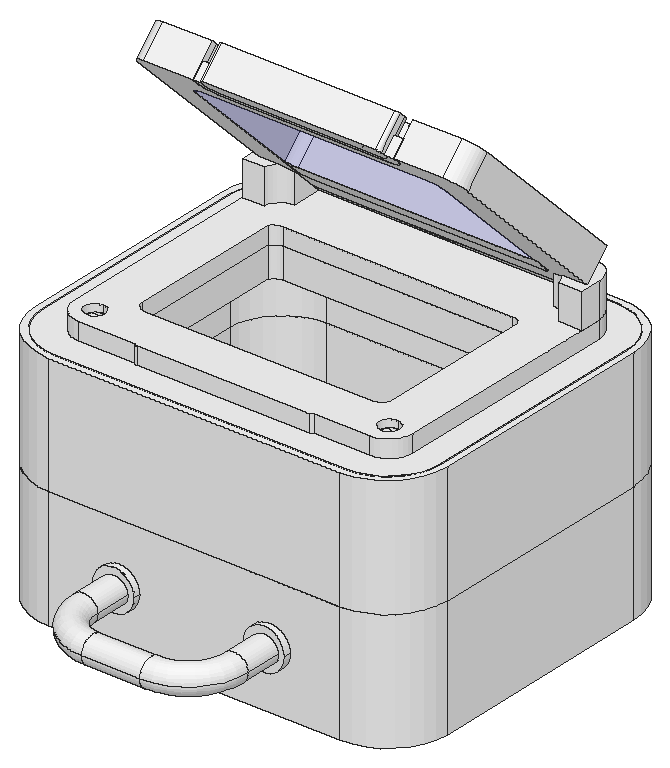
Revit family "Domotics-DomesticRanges-GEWISS-27COMBI_SYSTEM-IP55_FIXING_POST_BRACKET", category Apparecchi elettrici, host Superficie, Revit 2016 (continued)
Definition of nested family "SYSTEM CONTENITORI IP55 3P PALO_BASE"
  Automatic sketch dimensions
    Extrusion 4 sketch curve to Extrusion 4 sketch curve = 0.492 mm
    Extrusion 4 sketch curve to plane 3 "Centro (Sinistra/Destra)" = 25.037 mm
    Extrusion 4 sketch curve to Extrusion 4 sketch curve = 7.602 mm
    Extrusion 4 sketch curve to Extrusion 4 sketch curve = 8.737 mm
    Extrusion 4 sketch curve to plane 13 = 14.737 mm
    Extrusion 4 sketch curve to Extrusion 4 sketch curve = 0.027 mm
    plane 4 to Revolve 8 sketch curve = 15.022 mm
    Revolve 8 sketch curve to Revolve 8 sketch curve = 2.225 mm
    Revolve 8 sketch curve to Revolve 8 sketch curve = 2.242 mm
    Revolve 8 sketch curve to Revolve 8 sketch curve = 1.974 mm
    Revolve 8 sketch curve to Revolve 8 sketch curve = 0 mm  (x3)
    plane 10 "1" to Extrusion 9 sketch curve = 0 mm
    plane 4 to Extrusion 9 sketch curve = 17.263 mm
    plane 5 to Revolve 10 sketch curve = 15.022 mm
    Revolve 10 sketch curve to Revolve 10 sketch curve = 2.225 mm
    Revolve 10 sketch curve to Revolve 10 sketch curve = 2.242 mm
    Revolve 10 sketch curve to Revolve 10 sketch curve = 1.974 mm
    Revolve 10 sketch curve to Revolve 10 sketch curve = 0 mm  (x3)
    plane 10 "1" to Extrusion 11 sketch curve = 0 mm
    plane 13 to Extrusion 11 sketch curve = 14.737 mm
    Extrusion 12 sketch curve to plane 7 = 17.169 mm
    Extrusion 12 sketch curve to plane 4 = 17.263 mm
    Extrusion 13 sketch curve to Extrusion 13 sketch curve = 0 mm  (x2)
    plane 7 to Extrusion 13 sketch curve = 17.169 mm
    Extrusion 13 sketch curve to plane 13 = 15.263 mm
    Extrusion 13 sketch curve to Extrusion 13 sketch curve = 3 mm
    Extrusion 15 sketch curve to Extrusion 15 sketch curve = 0 mm  (x5)
    plane 10 "1" to Extrusion 15 sketch curve = 0 mm  (x2)
    Extrusion 15 sketch curve to plane 10 "1" = 6.5 mm  (x2)
    Extrusion 15 sketch curve to plane 5 = 7.985 mm
    plane 6 to Extrusion 15 sketch curve = 161.894 mm
    plane 4 to Extrusion 15 sketch curve = 7.985 mm
    plane 10 "1" to Extrusion 15 sketch curve = 0.5 mm  (x2)
    plane 10 "1" to Extrusion 15 sketch curve = 2.155 mm  (x2)
    Extrusion 15 sketch curve to Extrusion 15 sketch curve = 6.531 mm
    Extrusion 15 sketch curve to Extrusion 15 sketch curve = 6.539 mm
    Extrusion 15 sketch curve to Extrusion 15 sketch curve = 5.497 mm  (x2)
    plane 4 to Extrusion 15 sketch curve = 10.763 mm
    Extrusion 15 sketch curve to Extrusion 15 sketch curve = 0.5 mm
    Extrusion 15 sketch curve to Extrusion 15 sketch curve = 4.5 mm
    Extrusion 15 sketch curve to Extrusion 15 sketch curve = 0.189 mm  (x2)
    Extrusion 15 sketch curve to plane 13 = 9.548 mm
    Extrusion 15 sketch curve to Extrusion 15 sketch curve = 5 mm
    Extrusion 15 sketch curve to Extrusion 15 sketch curve = 0.027 mm
    Extrusion 15 sketch curve to plane 10 "1" = 3 mm
    Extrusion 15 sketch curve to Extrusion 15 sketch curve = 3 mm
    Revolve 40 sketch curve to plane 12 = 0 mm
    plane 4 to Revolve 40 sketch curve = 15.022 mm
    plane 11 "PIANO BIDIMENSIONALE" to Revolve 40 sketch curve = 1.026 mm
    Revolve 40 sketch curve to Revolve 40 sketch curve = 2.225 mm
    Revolve 40 sketch curve to plane 9 = 1 mm
    Revolve 40 sketch curve to Revolve 40 sketch curve = 0 mm  (x2)
    Revolve 41 sketch curve to plane 12 = 0 mm
    Revolve 41 sketch curve to plane 5 = 14.475 mm
    plane 11 "PIANO BIDIMENSIONALE" to Revolve 41 sketch curve = 1.026 mm
    Revolve 41 sketch curve to Revolve 41 sketch curve = 2.225 mm
    Revolve 41 sketch curve to plane 9 = 1 mm
    Revolve 41 sketch curve to Revolve 41 sketch curve = 0 mm  (x2)
    plane 4 to Extrusion 42 sketch curve = 2 mm
    plane 10 "1" to Extrusion 42 sketch curve = 0.669 mm  (x2)
    Extrusion 42 sketch curve to Extrusion 42 sketch curve = 15.5 mm
    plane 7 to Extrusion 42 sketch curve = 2 mm
    plane 4 to Extrusion 42 sketch curve = 17.5 mm
    Extrusion 42 sketch curve to Extrusion 42 sketch curve = 6 mm
    Extrusion 42 sketch curve to Extrusion 42 sketch curve = 3 mm  (x3)
    Extrusion 42 sketch curve to plane 13 = 5.5 mm  (x2)
    Extrusion 42 sketch curve to plane 13 = 14.5 mm  (x2)
    Extrusion 42 sketch curve to Extrusion 42 sketch curve = 6.169 mm
    plane 10 "1" to Extrusion 42 sketch curve = 15.5 mm
    Extrusion 42 sketch curve to Extrusion 42 sketch curve = 14.831 mm
    Extrusion 42 sketch curve to Extrusion 42 sketch curve = 1.803 mm
    Extrusion 43 sketch curve to plane 15 "2" = 0 mm
    plane 16 to Extrusion 43 sketch curve = 0 mm
    Extrusion 44 sketch curve to plane 15 "2" = 0 mm
    plane 3 "Centro (Sinistra/Destra)" to Extrusion 44 sketch curve = 22 mm
    Sweep 45 sketch curve to profile plane = 0 mm
    profile plane to Sweep 45 sketch curve = 4.038 mm
    Extrusion 46 sketch curve to plane 15 "2" = 0 mm
    plane 16 to Extrusion 46 sketch curve = 0 mm
    Extrusion 47 sketch curve to plane 15 "2" = 0 mm
    Extrusion 47 sketch curve to plane 3 "Centro (Sinistra/Destra)" = 22 mm
    Sweep 48 sketch curve to profile plane = 0 mm
    Sweep 48 sketch curve to profile plane = 4.038 mm
    curve 4 to curve 13 = 0 mm  (x4)
    curve 6 to curve 15 = 0 mm  (x4)
    curve 111 to curve 108 = 0 mm
    curve 111 to curve 104 = 1 mm
    curve 108 to curve 105 = 1 mm
    curve 59 to curve 18 = 0.5 mm
    curve 52 to curve 20 = 0.5 mm
    curve 18 to curve 9 = 0.012 mm
    curve 20 to curve 11 = 0.127 mm
    curve 9 to curve 8 = 0.157 mm
    curve 11 to curve 3 = 0.042 mm
    curve 85 to curve 57 = 0.152 mm
    curve 83 to curve 50 = 0.152 mm
    curve 85 to curve 79 = 8 mm
    curve 82 to curve 73 = 44 mm
    curve 78 to curve 63 = 5.169 mm
    curve 73 to curve 44 = 5.169 mm
    curve 63 to curve 28 = 3.831 mm
    curve 22 to curve 4 = 0.169 mm
    curve 28 to curve 6 = 0.169 mm
    curve 4 to curve 45 = 0.331 mm
    curve 28 to curve 68 = 0.5 mm
    curve 68 to curve 65 = 0.169 mm
    curve 45 to curve 42 = 0.169 mm
    curve 65 to curve 122 = 2.688 mm
    curve 42 to curve 120 = 2.688 mm
    curve 122 to curve 30 = 0.977 mm
    curve 120 to curve 32 = 0.977 mm
    curve 30 to curve 37 = 0.457 mm
    curve 32 to curve 34 = 0.457 mm
    curve 34 to curve 35 = 0 mm
    curve 36 to curve 37 = 0 mm
    curve 30 to curve 38 = 0.457 mm
    curve 35 to curve 101 = 25.799 mm
    curve 101 to curve 98 = 0 mm
    curve 98 to curve 95 = 1 mm
    curve 101 to curve 93 = 1 mm
    curve 49 to curve 44 = 5.315 mm
    curve 44 to curve 42 = 3.7 mm
    curve 42 to curve 45 = 0.263 mm
    curve 52 to curve 3 = 0.237 mm
    curve 45 to curve 13 = 0.237 mm
    curve 3 to curve 11 = 0.004 mm
    curve 4 to curve 22 = 0.263 mm
    curve 11 to curve 20 = 0.259 mm
    curve 20 to curve 50 = 4.689 mm
    curve 50 to curve 83 = 4.048 mm
    curve 40 to curve 24 = 13.463 mm
    curve 24 to curve 120 = 0.5 mm
    curve 120 to curve 32 = 1.5 mm
    curve 32 to curve 34 = 5.7 mm
    curve 24 to curve 93 = 9.592 mm
    curve 34 to curve 35 = 8.8 mm
    curve 111 to curve 104 = 6.982 mm
    curve 93 to curve 101 = 6.982 mm
    curve 101 to curve 100 = 8.5 mm
    curve 101 to curve 55 = 8.633 mm
    curve 35 to curve 36 = 8.8 mm
    curve 104 to curve 105 = 17 mm
    curve 100 to curve 98 = 8.5 mm
    curve 36 to curve 37 = 8.8 mm
    curve 105 to curve 108 = 6.982 mm
    curve 98 to curve 95 = 6.982 mm
    curve 37 to curve 38 = 8.8 mm
    curve 38 to curve 30 = 5.7 mm
    curve 30 to curve 122 = 1.5 mm
    curve 30 to curve 26 = 2 mm
    curve 108 to curve 79 = 17.98 mm
    curve 122 to curve 78 = 8.437 mm
    curve 85 to curve 79 = 0 mm
    curve 85 to curve 57 = 4.575 mm
    curve 78 to curve 67 = 5 mm
    curve 57 to curve 8 = 4.425 mm
    curve 8 to curve 9 = 0.029 mm
    curve 9 to curve 18 = 0.235 mm
    curve 6 to curve 28 = 0.263 mm
    curve 6 to curve 65 = 0.5 mm
    curve 18 to curve 59 = 0.5 mm
    curve 65 to curve 68 = 0.263 mm
    curve 105 to curve 114 = 11.922 mm
    curve 116 to curve 116 = 1 mm
    curve 113 to curve 115 = 1 mm
    curve 1 to curve 10 = 3.567 mm
    curve 56 to curve 55 = 2.9 mm
    curve 51 to curve 55 = 2.901 mm
    curve 53 to curve 52 = 2 mm
    curve 60 to curve 59 = 1.728 mm
    curve 61 to curve 59 = 1.276 mm
    curve 54 to curve 20 = 1.05 mm
    curve 12 to curve 3 = 1.067 mm
    curve 52 to curve 54 = 0.55 mm
    curve 8 to curve 61 = 0.607 mm
    curve 59 to curve 60 = 1.728 mm
    curve 3 to curve 53 = 1.331 mm
    curve 54 to curve 51 = 2.705 mm
    curve 61 to curve 57 = 1.176 mm
    curve 83 to curve 83 = 3 mm
    curve 53 to curve 49 = 4.833 mm
    curve 49 to curve 48 = 0.169 mm
    curve 48 to curve 49 = 0.029 mm
    curve 58 to curve 57 = 0.325 mm
    curve 57 to curve 62 = 0.15 mm
    curve 62 to curve 58 = 0.032 mm
    curve 79 to curve 79 = 1.697 mm
    curve 81 to curve 82 = 1.697 mm
    curve 75 to curve 82 = 0.5 mm
    curve 118 to curve 79 = 0.5 mm
    curve 73 to curve 76 = 0.5 mm
    curve 76 to curve 72 = 2.5 mm
    curve 42 to curve 22 = 2.831 mm
    curve 63 to curve 63 = 1 mm
    curve 64 to curve 69 = 1.331 mm
    curve 42 to curve 46 = 1.701 mm
    curve 16 to curve 6 = 1.102 mm
    curve 47 to curve 22 = 0.821 mm
    curve 70 to curve 68 = 0.55 mm
    curve 12 to curve 13 = 0 mm  (x2)
    curve 6 to curve 70 = 0.881 mm
    curve 42 to curve 47 = 1.152 mm
    curve 45 to curve 46 = 1.631 mm
    curve 65 to curve 69 = 1.831 mm
    curve 40 to curve 40 = 1 mm
    curve 120 to curve 39 = 2.012 mm
    curve 67 to curve 67 = 1 mm
    curve 71 to curve 123 = 1.631 mm
    curve 39 to curve 119 = 1.631 mm
    curve 27 to curve 25 = 0.492 mm
    curve 13 to curve 5 = 3.65 mm
    curve 91 to curve 90 = 1 mm
    curve 88 to curve 92 = 1 mm
    curve 95 to curve 95 = 1 mm
    curve 100 to curve 99 = 7 mm
    curve 49 to curve 48 = 1.537 mm
    curve 54 to curve 52 = 2.1 mm
    curve 47 to curve 42 = 1.459 mm
    curve 46 to curve 42 = 1.019 mm
    curve 53 to curve 52 = 0.55 mm
    curve 3 to curve 53 = 0.313 mm
    curve 45 to curve 46 = 1.282 mm
    curve 22 to curve 47 = 1.223 mm
    curve 20 to curve 54 = 1.6 mm
    curve 54 to curve 55 = 2.9 mm
    curve 80 to curve 82 = 1.15 mm
    curve 76 to curve 73 = 1.15 mm
    curve 86 to curve 24 = 2.963 mm
    curve 124 to curve 104 = 2.038 mm
    curve 33 to curve 23 = 0.138 mm
    curve 102 to curve 92 = 9.518 mm
    curve 112 to curve 110 = 9.518 mm
    curve 92 to curve 87 = 0.444 mm
    curve 110 to curve 116 = 0.444 mm
    curve 108 to curve 115 = 0.48 mm
    curve 95 to curve 90 = 0.48 mm
    curve 113 to curve 107 = 0.52 mm
    curve 27 to curve 26 = 0.138 mm
    curve 106 to curve 113 = 1.962 mm
    curve 97 to curve 91 = 1.962 mm
    curve 26 to curve 123 = 3 mm
    curve 78 to curve 118 = 1.15 mm
    curve 57 to curve 8 = 4.437 mm
    curve 70 to curve 6 = 1.337 mm
    curve 61 to curve 8 = 0.872 mm
    curve 60 to curve 59 = 1.314 mm
    curve 69 to curve 65 = 0.287 mm
    curve 65 to curve 69 = 0.813 mm
    curve 59 to curve 60 = 1.314 mm
    curve 59 to curve 61 = 1.636 mm
    curve 68 to curve 70 = 2.1 mm
    curve 62 to curve 58 = 2.063 mm
    curve 252 to curve 261 = 0 mm  (x4)
    curve 254 to curve 263 = 0 mm  (x4)
    curve 359 to curve 356 = 0 mm
    curve 359 to curve 352 = 1 mm
    curve 356 to curve 353 = 1 mm
    curve 307 to curve 266 = 0.5 mm
    curve 300 to curve 268 = 0.5 mm
    curve 266 to curve 257 = 0.012 mm
    curve 268 to curve 259 = 0.127 mm
    curve 257 to curve 256 = 0.157 mm
    curve 259 to curve 251 = 0.042 mm
    curve 333 to curve 305 = 0.152 mm
    curve 331 to curve 298 = 0.152 mm
    curve 333 to curve 327 = 8 mm
    curve 330 to curve 321 = 44 mm
    curve 326 to curve 311 = 5.169 mm
    curve 321 to curve 292 = 5.169 mm
    curve 311 to curve 276 = 3.831 mm
    curve 270 to curve 252 = 0.169 mm
    curve 276 to curve 254 = 0.169 mm
    curve 252 to curve 293 = 0.331 mm
    curve 276 to curve 316 = 0.5 mm
    curve 316 to curve 313 = 0.169 mm
    curve 293 to curve 290 = 0.169 mm
    curve 313 to curve 370 = 2.688 mm
    curve 290 to curve 368 = 2.688 mm
    curve 370 to curve 278 = 0.977 mm
    curve 368 to curve 280 = 0.977 mm
    curve 278 to curve 285 = 0.457 mm
    curve 280 to curve 282 = 0.457 mm
    curve 282 to curve 283 = 0 mm
    curve 284 to curve 285 = 0 mm
    curve 278 to curve 286 = 0.457 mm
    curve 283 to curve 349 = 25.799 mm
    curve 349 to curve 346 = 0 mm
    curve 346 to curve 343 = 1 mm
    curve 349 to curve 341 = 1 mm
    curve 297 to curve 292 = 5.315 mm
    curve 292 to curve 290 = 3.7 mm
    curve 290 to curve 293 = 0.263 mm
    curve 300 to curve 251 = 0.237 mm
    curve 293 to curve 261 = 0.237 mm
    curve 251 to curve 259 = 0.004 mm
    curve 252 to curve 270 = 0.263 mm
    curve 259 to curve 268 = 0.259 mm
    curve 268 to curve 298 = 4.689 mm
    curve 298 to curve 331 = 4.048 mm
    curve 288 to curve 272 = 13.463 mm
    curve 272 to curve 368 = 0.5 mm
    curve 368 to curve 280 = 1.5 mm
    curve 280 to curve 282 = 5.7 mm
    curve 272 to curve 341 = 9.592 mm
    curve 282 to curve 283 = 8.8 mm
    curve 359 to curve 352 = 6.982 mm
    curve 341 to curve 349 = 6.982 mm
    curve 349 to curve 348 = 8.5 mm
    curve 349 to curve 303 = 8.633 mm
    curve 283 to curve 284 = 8.8 mm
    curve 352 to curve 353 = 17 mm
    curve 348 to curve 346 = 8.5 mm
    curve 284 to curve 285 = 8.8 mm
    curve 353 to curve 356 = 6.982 mm
    curve 346 to curve 343 = 6.982 mm
    curve 285 to curve 286 = 8.8 mm
    curve 286 to curve 278 = 5.7 mm
    curve 278 to curve 370 = 1.5 mm
    curve 278 to curve 274 = 2 mm
    curve 356 to curve 327 = 17.98 mm
    curve 370 to curve 326 = 8.437 mm
    curve 333 to curve 327 = 0 mm
    curve 333 to curve 305 = 4.575 mm
    curve 326 to curve 315 = 5 mm
    curve 305 to curve 256 = 4.425 mm
    curve 256 to curve 257 = 0.029 mm
    curve 257 to curve 266 = 0.235 mm
    curve 254 to curve 276 = 0.263 mm
    curve 254 to curve 313 = 0.5 mm
    curve 266 to curve 307 = 0.5 mm
    curve 313 to curve 316 = 0.263 mm
    curve 353 to curve 362 = 11.922 mm
    curve 364 to curve 364 = 1 mm
    curve 361 to curve 363 = 1 mm
    curve 249 to curve 258 = 3.567 mm
    curve 304 to curve 303 = 2.9 mm
    curve 299 to curve 303 = 2.901 mm
    curve 301 to curve 300 = 2 mm
    curve 308 to curve 307 = 1.728 mm
    curve 309 to curve 307 = 1.276 mm
    curve 302 to curve 268 = 1.05 mm
    curve 260 to curve 251 = 1.067 mm
    curve 300 to curve 302 = 0.55 mm
    curve 256 to curve 309 = 0.607 mm
    curve 307 to curve 308 = 1.728 mm
    curve 251 to curve 301 = 1.331 mm
    curve 302 to curve 299 = 2.705 mm
    curve 309 to curve 305 = 1.176 mm
    curve 331 to curve 331 = 3 mm
    curve 301 to curve 297 = 4.833 mm
    curve 297 to curve 296 = 0.169 mm
    curve 296 to curve 297 = 0.029 mm
    curve 306 to curve 305 = 0.325 mm
    curve 305 to curve 310 = 0.15 mm
    curve 310 to curve 306 = 0.032 mm
    curve 327 to curve 327 = 1.697 mm
    curve 329 to curve 330 = 1.697 mm
    curve 323 to curve 330 = 0.5 mm
    curve 366 to curve 327 = 0.5 mm
    curve 321 to curve 324 = 0.5 mm
    curve 324 to curve 320 = 2.5 mm
    curve 290 to curve 270 = 2.831 mm
    curve 311 to curve 311 = 1 mm
    curve 312 to curve 317 = 1.331 mm
    curve 290 to curve 294 = 1.701 mm
    curve 264 to curve 254 = 1.102 mm
    curve 295 to curve 270 = 0.821 mm
    curve 318 to curve 316 = 0.55 mm
    curve 260 to curve 261 = 0 mm  (x2)
    curve 254 to curve 318 = 0.881 mm
    curve 290 to curve 295 = 1.152 mm
    curve 293 to curve 294 = 1.631 mm
    curve 313 to curve 317 = 1.831 mm
    curve 288 to curve 288 = 1 mm
    curve 368 to curve 287 = 2.012 mm
    curve 315 to curve 315 = 1 mm
    curve 319 to curve 371 = 1.631 mm
    curve 287 to curve 367 = 1.631 mm
    curve 275 to curve 273 = 0.492 mm
    curve 261 to curve 253 = 3.65 mm
    curve 339 to curve 338 = 1 mm
    curve 336 to curve 340 = 1 mm
    curve 343 to curve 343 = 1 mm
    curve 348 to curve 347 = 7 mm
    curve 297 to curve 296 = 1.537 mm
    curve 302 to curve 300 = 2.1 mm
    curve 295 to curve 290 = 1.459 mm
    curve 294 to curve 290 = 1.019 mm
    curve 301 to curve 300 = 0.55 mm
    curve 251 to curve 301 = 0.313 mm
    curve 293 to curve 294 = 1.282 mm
    curve 270 to curve 295 = 1.223 mm
    curve 268 to curve 302 = 1.6 mm
    curve 302 to curve 303 = 2.9 mm
    curve 328 to curve 330 = 1.15 mm
    curve 324 to curve 321 = 1.15 mm
    curve 334 to curve 272 = 2.963 mm
    curve 372 to curve 352 = 2.038 mm
    curve 281 to curve 271 = 0.138 mm
    curve 350 to curve 340 = 9.518 mm
    curve 360 to curve 358 = 9.518 mm
    curve 340 to curve 335 = 0.444 mm
    curve 358 to curve 364 = 0.444 mm
    curve 356 to curve 363 = 0.48 mm
    curve 343 to curve 338 = 0.48 mm
    curve 361 to curve 355 = 0.52 mm
    curve 275 to curve 274 = 0.138 mm
    curve 354 to curve 361 = 1.962 mm
    curve 345 to curve 339 = 1.962 mm
    curve 274 to curve 371 = 3 mm
    curve 326 to curve 366 = 1.15 mm
    curve 305 to curve 256 = 4.437 mm
    curve 318 to curve 254 = 1.337 mm
    curve 309 to curve 256 = 0.872 mm
    curve 308 to curve 307 = 1.314 mm
    curve 317 to curve 313 = 0.287 mm
    curve 313 to curve 317 = 0.813 mm
    curve 307 to curve 308 = 1.314 mm
    curve 307 to curve 309 = 1.636 mm
    curve 316 to curve 318 = 2.1 mm
    curve 310 to curve 306 = 2.063 mm
    Extrusion 49 sketch curve to plane 13 = 14.5 mm
    plane 10 "1" to Extrusion 49 sketch curve = 0.669 mm
    plane 4 to Extrusion 49 sketch curve = 17.5 mm  (x2)
    plane 4 to Extrusion 5 sketch curve = 7.985 mm
    plane 6 to Extrusion 5 sketch curve = 161.894 mm
    plane 10 "1" to Extrusion 6 sketch curve = 4.5 mm
    plane 4 to Extrusion 6 sketch curve = 23.5 mm
    Extrusion 14 sketch curve to plane 16 = 1.563 mm
    plane 7 to Extrusion 14 sketch curve = 16.335 mm
    plane 7 to Extrusion 18 sketch curve = 18.812 mm
    Extrusion 18 sketch curve to plane 3 "Centro (Sinistra/Destra)" = 29.037 mm
    plane 4 to Extrusion 26 sketch curve = 7.985 mm
    Extrusion 27 sketch curve to plane 13 = 5.5 mm
    Extrusion 29 sketch curve to plane 16 = 1.563 mm
    Extrusion 32 sketch curve to plane 3 "Centro (Sinistra/Destra)" = 24.537 mm
    radius of Extrusion 4 sketch curve = 3 mm  (x4)
    radius of Extrusion 9 sketch curve = 3 mm
    radius of Extrusion 11 sketch curve = 3 mm
    radius of Extrusion 12 sketch curve = 3 mm
    radius of Extrusion 43 sketch curve = 6 mm
    radius of Extrusion 44 sketch curve = 6 mm
    radius of Sweep 45 sketch curve = 4.038 mm
    radius of Extrusion 46 sketch curve = 6 mm
    radius of Extrusion 47 sketch curve = 6 mm
    radius of Sweep 48 sketch curve = 4.038 mm
    radius of curve 34 = 1 mm
    radius of curve 35 = 1 mm
    radius of curve 36 = 1 mm
    radius of curve 37 = 1 mm
    radius of curve 38 = 1 mm
    radius of curve 45 = 3 mm
    radius of curve 52 = 3 mm
    radius of curve 59 = 3 mm
    radius of curve 68 = 3 mm
    radius of curve 100 = 2 mm
    radius of curve 282 = 1 mm
    radius of curve 283 = 1 mm
    radius of curve 284 = 1 mm
    radius of curve 285 = 1 mm
    radius of curve 286 = 1 mm
    radius of curve 293 = 3 mm
    radius of curve 300 = 3 mm
    radius of curve 307 = 3 mm
    radius of curve 316 = 3 mm
    radius of curve 348 = 2 mm
